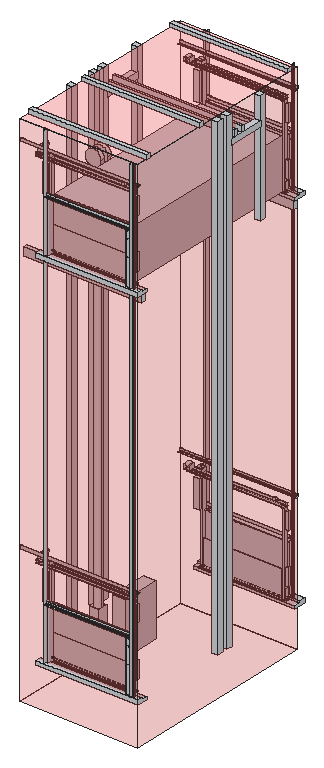
Revit family "SHC2600-2U-2方向", category 一般モデル, Revit 2018
Family settings
  鉄筋をホスト可能 = いいえ
  丸型コネクタ寸法 = 直径を使用
  パーツ タイプ = 標準
  作業面ベース = いいえ
  常に垂直 = はい
  ロード時にボイドで切り取り = いいえ
  共有 = いいえ
  部屋計算ポイント = いいえ
Parameters
  昇降行程 = 13000 mm
Reference planes
  plane 1 "レール芯": y = 0
  plane 2 "最下階FL": z = 0
  plane 3 "かご芯": x = 0
  plane 4: z = 13000
  plane 5 "ピット底面": z = -1600
  plane 6: z = 17000
  plane 7: z = 1800
Forms (mm)
  Extrusion 1, solid
    sketch origin (-115, 140, 0) x (1, 0, 0) y (0, 1, 0)
      loop
        line (-2270, 3375) -> (-2270, -3755) -> (1920, -3755) -> (1920, 3375) -> (-2270, 3375)
    from -1600 to 17000
  Extrusion 2, solid
    sketch origin (-188.849, -187.656, 5000) x (1, 0, 0) y (0, 1, 0)
      loop
        line (-1246.151, 3432.656) -> (-1246.151, -3057.344) -> (1623.849, -3057.344) -> (1623.849, 3432.656) -> (-1246.151, 3432.656)
    from 8000 to 9800
  Extrusion 3, solid
    sketch origin (69.836, -13.256, 0) x (1, 0, 0) y (0, 1, 0)
      loop
        line (1735.164, 313.256) -> (1735.164, 113.256) -> (1935.164, 113.256) -> (1935.164, 313.256) -> (1735.164, 313.256)
    from 0 to 17000
  Extrusion 4, solid
    sketch origin (-180.164, -413.256, 0) x (1, 0, 0) y (0, 1, 0)
      loop
        line (1985.164, 313.256) -> (1985.164, 113.256) -> (2185.164, 113.256) -> (2185.164, 313.256) -> (1985.164, 313.256)
    from 0 to 17000
  Extrusion 5, solid
    sketch origin (448.997, -221.31, 0) x (1, 0, 0) y (0, 1, 0)
      loop
        line (-3033.997, 521.31) -> (-3033.997, 321.31) -> (-2833.997, 321.31) -> (-2833.997, 521.31) -> (-3033.997, 521.31)
    from 0 to 17000
  Extrusion 6, solid
    sketch origin (448.997, -1471.31, 0) x (1, 0, 0) y (0, 1, 0)
      loop
        line (-3033.997, 1371.31) -> (-3033.997, 1171.31) -> (-2833.997, 1171.31) -> (-2833.997, 1371.31) -> (-3033.997, 1371.31)
    from 0 to 17000
  Extrusion 7, solid
    sketch origin (0, -3489.792, -183.066) x (0, 1, 0) y (0, 0, 1)
      loop
        line (279.792, 17333.066) -> (279.792, 17183.066) -> (429.792, 17183.066) -> (429.792, 17333.066) -> (279.792, 17333.066)
    from -2385 to 1805
  Extrusion 8, solid
    sketch origin (0, -1154.792, -183.066) x (0, 1, 0) y (0, 0, 1)
      loop
        line (279.792, 17333.066) -> (279.792, 17183.066) -> (429.792, 17183.066) -> (429.792, 17333.066) -> (279.792, 17333.066)
    from -2385 to 1805
  Extrusion 9, solid
    sketch origin (0, -2627.235, 116.596) x (0, 1, 0) y (0, 0, 1)
      loop
        line (-827.765, 12733.404) -> (-827.765, 12433.404) -> (-677.765, 12433.404) -> (-677.765, 12733.404) -> (-827.765, 12733.404)
    from -2385 to 1805
  Extrusion 10, solid
    sketch origin (322.648, -2808.415, 0) x (-1, 0, 0) y (0, -1, 0)
      loop
        line (-1352.352, 796.585) -> (-1252.352, 796.585) -> (-1252.352, 896.585) -> (-1255.352, 896.585)
        arc (-1255.352, 896.585) -> (-1260.302, 894.535) -> (-1262.352, 889.585) r 7
        line (-1262.352, 889.585) -> (-1262.352, 816.585)
        arc (-1262.352, 816.585) -> (-1265.281, 809.514) -> (-1272.352, 806.585) r 10
        line (-1272.352, 806.585) -> (-1345.352, 806.585)
        arc (-1345.352, 806.585) -> (-1350.302, 804.535) -> (-1352.352, 799.585) r 7
        line (-1352.352, 799.585) -> (-1352.352, 796.585)
    from 0 to 12850
  Extrusion 11, solid
    sketch origin (-22.648, -2808.415, 0) x (1, 0, 0) y (0, 1, 0)
      loop
        line (-1432.352, -896.585) -> (-1432.352, -796.585) -> (-1532.352, -796.585) -> (-1532.352, -799.585)
        arc (-1532.352, -799.585) -> (-1530.302, -804.535) -> (-1525.352, -806.585) r 7
        line (-1525.352, -806.585) -> (-1452.352, -806.585)
        arc (-1452.352, -806.585) -> (-1445.281, -809.514) -> (-1442.352, -816.585) r 10
        line (-1442.352, -816.585) -> (-1442.352, -889.585)
        arc (-1442.352, -889.585) -> (-1440.302, -894.535) -> (-1435.352, -896.585) r 7
        line (-1435.352, -896.585) -> (-1432.352, -896.585)
    from 0 to 12850
  Extrusion 12, solid
    sketch origin (522.648, -2808.415, 5000) x (-1, 0, 0) y (0, -1, 0)
      loop
        line (-1152.352, 796.585) -> (-1052.352, 796.585) -> (-1052.352, 896.585) -> (-1055.352, 896.585)
        arc (-1055.352, 896.585) -> (-1060.302, 894.535) -> (-1062.352, 889.585) r 7
        line (-1062.352, 889.585) -> (-1062.352, 816.585)
        arc (-1062.352, 816.585) -> (-1065.281, 809.514) -> (-1072.352, 806.585) r 10
        line (-1072.352, 806.585) -> (-1145.352, 806.585)
        arc (-1145.352, 806.585) -> (-1150.302, 804.535) -> (-1152.352, 799.585) r 7
        line (-1152.352, 799.585) -> (-1152.352, 796.585)
    from 8000 to 12000
  Extrusion 13, solid
    sketch origin (-22.648, -2808.415, 5000) x (1, 0, 0) y (0, 1, 0)
      loop
        line (-1432.352, -796.585) -> (-1532.352, -796.585) -> (-1532.352, -799.585)
        arc (-1532.352, -799.585) -> (-1530.302, -804.535) -> (-1525.352, -806.585) r 7
        line (-1525.352, -806.585) -> (-1452.352, -806.585)
        arc (-1452.352, -806.585) -> (-1445.281, -809.514) -> (-1442.352, -816.585) r 10
        line (-1442.352, -816.585) -> (-1442.352, -889.585)
        arc (-1442.352, -889.585) -> (-1440.302, -894.535) -> (-1435.352, -896.585) r 7
        line (-1435.352, -896.585) -> (-1432.352, -896.585) -> (-1432.352, -796.585)
    from 8000 to 12000
  Extrusion 14, solid
    sketch origin (90, -6142.272, 6135.614) x (0, 0, -1) y (0, 1, 0)
      loop
        line (-8744.386, 2437.272) -> (-8744.386, 2537.272) -> (-8844.386, 2537.272) -> (-8844.386, 2534.272)
        arc (-8844.386, 2534.272) -> (-8842.335, 2529.322) -> (-8837.386, 2527.272) r 7
        line (-8837.386, 2527.272) -> (-8764.386, 2527.272)
        arc (-8764.386, 2527.272) -> (-8757.315, 2524.343) -> (-8754.386, 2517.272) r 10
        line (-8754.386, 2517.272) -> (-8754.386, 2444.272)
        arc (-8754.386, 2444.272) -> (-8752.335, 2439.322) -> (-8747.386, 2437.272) r 7
        line (-8747.386, 2437.272) -> (-8744.386, 2437.272)
    from -1545 to 1485
  Extrusion 15, solid
    sketch origin (0, -1782.728, 6170.614) x (0, 0, -1) y (0, 1, 0)
      loop
        line (-10139.386, -1729.272) -> (-10139.386, -1802.272)
        arc (-10139.386, -1802.272) -> (-10142.315, -1809.343) -> (-10149.386, -1812.272) r 10
        line (-10149.386, -1812.272) -> (-10222.386, -1812.272)
        arc (-10222.386, -1812.272) -> (-10227.335, -1814.322) -> (-10229.386, -1819.272) r 7
        line (-10229.386, -1819.272) -> (-10229.386, -1822.272) -> (-10129.386, -1822.272) -> (-10129.386, -1722.272) -> (-10132.386, -1722.272)
        arc (-10132.386, -1722.272) -> (-10137.335, -1724.322) -> (-10139.386, -1729.272) r 7
    from -2385 to 1805
  Extrusion 16, solid
    sketch origin (724.836, 1486.744, 0) x (1, 0, 0) y (0, 1, 0)
      loop
        line (1080.164, 313.256) -> (1080.164, 113.256) -> (1280.164, 113.256) -> (1280.164, 313.256) -> (1080.164, 313.256)
    from 13000 to 17000
  Extrusion 17, solid
    sketch origin (473.997, -2560.007, 0) x (1, 0, 0) y (0, 1, 0)
      loop
        line (-3058.997, 1460.007) -> (-3058.997, 1260.007) -> (-2858.997, 1260.007) -> (-2858.997, 1460.007) -> (-3058.997, 1460.007)
    from 0 to 17000
  Extrusion 18, solid
    sketch origin (-695, 590, -1350) x (1, 0, 0) y (0, 1, 0)
      loop
        line (-1420, 950) -> (-1420, -420) -> (-970, -420) -> (-970, 950) -> (-1420, 950)
    from -250 to 1600
  Extrusion 19, solid
    sketch origin (-290, -250, 0) x (1, 0, 0) y (0, 1, 0)
      loop
        circle (-1565, -550) r 130
    from 433 to 14771
  Extrusion 20, solid
    sketch origin (-1505, -588.012, -511) x (1, 0, 0) y (0, 0, 1)
      loop
        circle (-350, 15316) r 280
    from -3.012 to 126.988
  Extrusion 21, solid
    sketch origin (-1505, -838.012, -511) x (1, 0, 0) y (0, 0, 1)
      loop
        circle (-350, 15316) r 280
    from 46.988 to 176.988
  Extrusion 22, solid
    sketch origin (55.293, 4.04, 0) x (1, 0, 0) y (0, 1, 0)
      loop
        line (-2085.293, -629.04) -> (-2085.293, -979.04) -> (-1735.293, -979.04) -> (-1735.293, -629.04) -> (-2085.293, -629.04)
    from -1600 to 433
  Extrusion 23, solid
    sketch origin (-3725.164, 1486.744, 0) x (1, 0, 0) y (0, 1, 0)
      loop
        line (1140.164, 313.256) -> (1140.164, 113.256) -> (1340.164, 113.256) -> (1340.164, 313.256) -> (1140.164, 313.256)
    from 13000 to 17000
  Extrusion 24, solid
    sketch origin (1805, 0, -850) x (0, 1, 0) y (0, 0, 1)
      loop
        line (300, 17050) -> (300, 16850) -> (1600, 16850) -> (1600, 17050) -> (300, 17050)
    from 0 to 200
  Extrusion 25, solid
    sketch origin (-2585, 0, -850) x (0, 1, 0) y (0, 0, 1)
      loop
        line (300, 17050) -> (300, 16850) -> (1600, 16850) -> (1600, 17050) -> (300, 17050)
    from 0 to 200
  Extrusion 26, solid
    sketch origin (0, 0, -850) x (0, 1, 0) y (0, 0, 1)
      loop
        line (445, 17250) -> (445, 17050) -> (535, 17050) -> (535, 17250) -> (445, 17250)
      loop
        line (765, 17250) -> (765, 17050) -> (855, 17050) -> (855, 17250) -> (765, 17250)
    from -2585 to 2005
  Extrusion 27, solid
    sketch origin (0, -745, 0) x (0, 1, 0) y (0, 0, 1)
      loop
        line (-2880, 1890) -> (-2953, 1890)
        arc (-2953, 1890) -> (-2957.95, 1887.95) -> (-2960, 1883) r 7
        line (-2960, 1883) -> (-2960, 1880) -> (-2860, 1880) -> (-2860, 1980) -> (-2863, 1980)
        arc (-2863, 1980) -> (-2867.95, 1977.95) -> (-2870, 1973) r 7
        line (-2870, 1973) -> (-2870, 1900)
        arc (-2870, 1900) -> (-2872.929, 1892.929) -> (-2880, 1890) r 10
    from -1455 to 1575
  Extrusion 28, solid
    sketch origin (0, -6465, 1420) x (0, -1, 0) y (0, 0, -1)
      loop
        arc (-2880, -1890) -> (-2872.929, -1892.929) -> (-2870, -1900) r 10
        line (-2870, -1900) -> (-2870, -1973)
        arc (-2870, -1973) -> (-2867.95, -1977.95) -> (-2863, -1980) r 7
        line (-2863, -1980) -> (-2860, -1980) -> (-2860, -1880) -> (-2960, -1880) -> (-2960, -1883)
        arc (-2960, -1883) -> (-2957.95, -1887.95) -> (-2953, -1890) r 7
        line (-2953, -1890) -> (-2880, -1890)
    from -2385 to 1805
  Extrusion 29, solid
    sketch origin (322.648, 2708.415, 0) x (-1, 0, 0) y (0, -1, 0)
      loop
        line (-1352.352, -796.585) -> (-1352.352, -799.585)
        arc (-1352.352, -799.585) -> (-1350.302, -804.535) -> (-1345.352, -806.585) r 7
        line (-1345.352, -806.585) -> (-1272.352, -806.585)
        arc (-1272.352, -806.585) -> (-1265.281, -809.514) -> (-1262.352, -816.585) r 10
        line (-1262.352, -816.585) -> (-1262.352, -889.585)
        arc (-1262.352, -889.585) -> (-1260.302, -894.535) -> (-1255.352, -896.585) r 7
        line (-1255.352, -896.585) -> (-1252.352, -896.585) -> (-1252.352, -796.585) -> (-1352.352, -796.585)
    from 0 to 12850
  Extrusion 30, solid
    sketch origin (-22.648, 2708.415, 0) x (1, 0, 0) y (0, 1, 0)
      loop
        line (-1432.352, 896.585) -> (-1435.352, 896.585)
        arc (-1435.352, 896.585) -> (-1440.302, 894.535) -> (-1442.352, 889.585) r 7
        line (-1442.352, 889.585) -> (-1442.352, 816.585)
        arc (-1442.352, 816.585) -> (-1445.281, 809.514) -> (-1452.352, 806.585) r 10
        line (-1452.352, 806.585) -> (-1525.352, 806.585)
        arc (-1525.352, 806.585) -> (-1530.302, 804.535) -> (-1532.352, 799.585) r 7
        line (-1532.352, 799.585) -> (-1532.352, 796.585) -> (-1432.352, 796.585) -> (-1432.352, 896.585)
    from 0 to 12850
  Extrusion 31, solid
    sketch origin (522.648, 2708.415, 5000) x (-1, 0, 0) y (0, -1, 0)
      loop
        line (-1152.352, -796.585) -> (-1152.352, -799.585)
        arc (-1152.352, -799.585) -> (-1150.302, -804.535) -> (-1145.352, -806.585) r 7
        line (-1145.352, -806.585) -> (-1072.352, -806.585)
        arc (-1072.352, -806.585) -> (-1065.281, -809.514) -> (-1062.352, -816.585) r 10
        line (-1062.352, -816.585) -> (-1062.352, -889.585)
        arc (-1062.352, -889.585) -> (-1060.302, -894.535) -> (-1055.352, -896.585) r 7
        line (-1055.352, -896.585) -> (-1052.352, -896.585) -> (-1052.352, -796.585) -> (-1152.352, -796.585)
    from 8000 to 12000
  Extrusion 32, solid
    sketch origin (-22.648, 2708.415, 5000) x (1, 0, 0) y (0, 1, 0)
      loop
        line (-1432.352, 796.585) -> (-1432.352, 896.585) -> (-1435.352, 896.585)
        arc (-1435.352, 896.585) -> (-1440.302, 894.535) -> (-1442.352, 889.585) r 7
        line (-1442.352, 889.585) -> (-1442.352, 816.585)
        arc (-1442.352, 816.585) -> (-1445.281, 809.514) -> (-1452.352, 806.585) r 10
        line (-1452.352, 806.585) -> (-1525.352, 806.585)
        arc (-1525.352, 806.585) -> (-1530.302, 804.535) -> (-1532.352, 799.585) r 7
        line (-1532.352, 799.585) -> (-1532.352, 796.585) -> (-1432.352, 796.585)
    from 8000 to 12000
  Extrusion 33, solid
    sketch origin (0, 645, 0) x (0, -1, 0) y (0, 0, -1)
      loop
        arc (-2880, -1890) -> (-2872.929, -1892.929) -> (-2870, -1900) r 10
        line (-2870, -1900) -> (-2870, -1973)
        arc (-2870, -1973) -> (-2867.95, -1977.95) -> (-2863, -1980) r 7
        line (-2863, -1980) -> (-2860, -1980) -> (-2860, -1880) -> (-2960, -1880) -> (-2960, -1883)
        arc (-2960, -1883) -> (-2957.95, -1887.95) -> (-2953, -1890) r 7
        line (-2953, -1890) -> (-2880, -1890)
    from -1455 to 1575
  Extrusion 34, solid
    sketch origin (0, 6365, 1420) x (0, 1, 0) y (0, 0, 1)
      loop
        line (-2880, 1890) -> (-2953, 1890)
        arc (-2953, 1890) -> (-2957.95, 1887.95) -> (-2960, 1883) r 7
        line (-2960, 1883) -> (-2960, 1880) -> (-2860, 1880) -> (-2860, 1980) -> (-2863, 1980)
        arc (-2863, 1980) -> (-2867.95, 1977.95) -> (-2870, 1973) r 7
        line (-2870, 1973) -> (-2870, 1900)
        arc (-2870, 1900) -> (-2872.929, 1892.929) -> (-2880, 1890) r 10
    from -2385 to 1805
  Extrusion 35, solid
    sketch origin (90, 6042.272, 6135.614) x (0, 0, -1) y (0, 1, 0)
      loop
        line (-8744.386, -2437.272) -> (-8747.386, -2437.272)
        arc (-8747.386, -2437.272) -> (-8752.335, -2439.322) -> (-8754.386, -2444.272) r 7
        line (-8754.386, -2444.272) -> (-8754.386, -2517.272)
        arc (-8754.386, -2517.272) -> (-8757.315, -2524.343) -> (-8764.386, -2527.272) r 10
        line (-8764.386, -2527.272) -> (-8837.386, -2527.272)
        arc (-8837.386, -2527.272) -> (-8842.335, -2529.322) -> (-8844.386, -2534.272) r 7
        line (-8844.386, -2534.272) -> (-8844.386, -2537.272) -> (-8744.386, -2537.272) -> (-8744.386, -2437.272)
    from -1545 to 1485
  Extrusion 36, solid
    sketch origin (0, 1682.728, 6170.614) x (0, 0, -1) y (0, 1, 0)
      loop
        arc (-10139.386, 1729.272) -> (-10137.335, 1724.322) -> (-10132.386, 1722.272) r 7
        line (-10132.386, 1722.272) -> (-10129.386, 1722.272) -> (-10129.386, 1822.272) -> (-10229.386, 1822.272) -> (-10229.386, 1819.272)
        arc (-10229.386, 1819.272) -> (-10227.335, 1814.322) -> (-10222.386, 1812.272) r 7
        line (-10222.386, 1812.272) -> (-10149.386, 1812.272)
        arc (-10149.386, 1812.272) -> (-10142.315, 1809.343) -> (-10139.386, 1802.272) r 10
        line (-10139.386, 1802.272) -> (-10139.386, 1729.272)
    from -2385 to 1805
  Extrusion 37, solid
    sketch origin (0, 4132.765, 116.596) x (0, 1, 0) y (0, 0, 1)
      loop
        line (-827.765, 12733.404) -> (-827.765, 12433.404) -> (-677.765, 12433.404) -> (-677.765, 12733.404) -> (-827.765, 12733.404)
    from -2385 to 1805
  Extrusion 38, solid
    sketch origin (0, 2780.208, -183.066) x (0, 1, 0) y (0, 0, 1)
      loop
        line (279.792, 17333.066) -> (279.792, 17183.066) -> (429.792, 17183.066) -> (429.792, 17333.066) -> (279.792, 17333.066)
    from -2385 to 1805
Dimensions and locks
  "昇降行程": plane 4 to plane 2 "最下階FL"
  plane 6 to plane 4 = 4000 mm
  locked: Extrusion 2 to plane 4 at 1800
  locked: plane 4 to Extrusion 10 at 150
  locked: Extrusion 19 to plane 4 at 1771
  locked: plane 4 to Extrusion 29 at 150
  aligned and locked: level to plane 2 "最下階FL"
  aligned and locked: Extrusion 1 to plane 5 "ピット底面"
  aligned and locked: Extrusion 2 to plane 4
  aligned and locked: Extrusion 4 to plane 2 "最下階FL"
  aligned and locked: Extrusion 3 to plane 2 "最下階FL"
  aligned and locked: Extrusion 5 to Extrusion 1
  aligned and locked: Extrusion 6 to Extrusion 1
  aligned and locked: Extrusion 3 to Extrusion 1
  aligned and locked: Extrusion 4 to Extrusion 1
  aligned and locked: Extrusion 5 to plane 2 "最下階FL"
  aligned and locked: Extrusion 6 to plane 2 "最下階FL"
  aligned and locked: Extrusion 1 to Extrusion 8  (x2)
  aligned and locked: Extrusion 8 to Extrusion 1
  aligned and locked: Extrusion 7 to Extrusion 1
  aligned and locked: Extrusion 1 to Extrusion 9  (x2)
  aligned and locked: Extrusion 1 to Extrusion 7  (x2)
  aligned and locked: Extrusion 12 to Extrusion 13
  aligned and locked: Extrusion 13 to plane 4
  aligned and locked: Extrusion 12 to plane 4
  aligned and locked: Extrusion 1 to plane 6
  aligned and locked: plane 6 to Extrusion 12
  aligned and locked: plane 6 to Extrusion 13
  aligned and locked: Extrusion 11 to Extrusion 10
  aligned and locked: plane 6 to Extrusion 5
  aligned and locked: plane 6 to Extrusion 3
  aligned and locked: plane 6 to Extrusion 4
  aligned and locked: plane 6 to Extrusion 6
  aligned and locked: Extrusion 1 to Extrusion 17
  aligned and locked: Extrusion 1 to Extrusion 16
  aligned and locked: Extrusion 16 to plane 4
  aligned and locked: Extrusion 1 to Extrusion 23
  aligned and locked: Extrusion 23 to plane 4
  aligned and locked: plane 4 to nested 2
  aligned and locked: plane 4 to nested 4
  aligned and locked: Extrusion 31 to Extrusion 32
  aligned and locked: Extrusion 30 to Extrusion 29
  aligned and locked: Extrusion 31 to plane 4
  aligned and locked: plane 6 to Extrusion 31
Automatic sketch dimensions
  Extrusion 1 sketch curve to plane 3 "かご芯" = 2385 mm
  plane 3 "かご芯" to Extrusion 1 sketch curve = 1805 mm
  plane 1 "レール芯" to Extrusion 1 sketch curve = 3615 mm
  Extrusion 1 sketch curve to plane 1 "レール芯" = 3515 mm
  Extrusion 2 sketch curve to plane 3 "かご芯" = 1435 mm
  plane 3 "かご芯" to Extrusion 2 sketch curve = 1435 mm
  plane 1 "レール芯" to Extrusion 2 sketch curve = 3245 mm
  Extrusion 2 sketch curve to plane 1 "レール芯" = 3245 mm
  Extrusion 3 sketch curve to plane 1 "レール芯" = 100 mm
  plane 3 "かご芯" to Extrusion 3 sketch curve = 1805 mm
  Extrusion 3 sketch curve to Extrusion 3 sketch curve = 200 mm  (x2)
  plane 1 "レール芯" to Extrusion 4 sketch curve = 300 mm
  plane 3 "かご芯" to Extrusion 4 sketch curve = 1805 mm
  Extrusion 4 sketch curve to Extrusion 4 sketch curve = 200 mm
  plane 1 "レール芯" to Extrusion 4 sketch curve = 100 mm
  Extrusion 5 sketch curve to plane 1 "レール芯" = 100 mm
  Extrusion 5 sketch curve to plane 3 "かご芯" = 2585 mm
  Extrusion 5 sketch curve to Extrusion 5 sketch curve = 200 mm  (x2)
  plane 1 "レール芯" to Extrusion 6 sketch curve = 300 mm
  Extrusion 6 sketch curve to plane 3 "かご芯" = 2585 mm
  Extrusion 6 sketch curve to Extrusion 6 sketch curve = 200 mm
  plane 1 "レール芯" to Extrusion 6 sketch curve = 100 mm
  Extrusion 7 sketch curve to plane 6 = 0 mm
  plane 1 "レール芯" to Extrusion 7 sketch curve = 3210 mm
  Extrusion 7 sketch curve to Extrusion 7 sketch curve = 150 mm
  plane 6 to Extrusion 7 sketch curve = 150 mm
  Extrusion 8 sketch curve to plane 6 = 0 mm
  plane 1 "レール芯" to Extrusion 8 sketch curve = 875 mm
  Extrusion 8 sketch curve to Extrusion 8 sketch curve = 150 mm
  plane 6 to Extrusion 8 sketch curve = 150 mm
  Extrusion 9 sketch curve to plane 4 = 450 mm
  plane 1 "レール芯" to Extrusion 9 sketch curve = 3455 mm
  Extrusion 9 sketch curve to Extrusion 9 sketch curve = 150 mm
  Extrusion 9 sketch curve to plane 4 = 150 mm
  Extrusion 10 sketch curve to plane 3 "かご芯" = 1675 mm
  Extrusion 10 sketch curve to Extrusion 10 sketch curve = 7 mm  (x2)
  Extrusion 10 sketch curve to Extrusion 10 sketch curve = 73 mm  (x2)
  Extrusion 10 sketch curve to Extrusion 10 sketch curve = 10 mm  (x2)
  Extrusion 10 sketch curve to plane 1 "レール芯" = 3705 mm
  Extrusion 10 sketch curve to Extrusion 10 sketch curve = 20 mm
  Extrusion 11 sketch curve to plane 3 "かご芯" = 1555 mm
  Extrusion 11 sketch curve to Extrusion 11 sketch curve = 7 mm  (x2)
  Extrusion 11 sketch curve to Extrusion 11 sketch curve = 73 mm  (x2)
  Extrusion 11 sketch curve to Extrusion 11 sketch curve = 10 mm  (x2)
  plane 1 "レール芯" to Extrusion 11 sketch curve = 3705 mm
  Extrusion 11 sketch curve to Extrusion 11 sketch curve = 20 mm
  Extrusion 12 sketch curve to plane 3 "かご芯" = 1675 mm
  Extrusion 12 sketch curve to Extrusion 12 sketch curve = 7 mm  (x2)
  Extrusion 12 sketch curve to Extrusion 12 sketch curve = 73 mm  (x2)
  Extrusion 12 sketch curve to Extrusion 12 sketch curve = 10 mm  (x2)
  Extrusion 12 sketch curve to plane 1 "レール芯" = 3705 mm
  Extrusion 12 sketch curve to Extrusion 12 sketch curve = 20 mm
  Extrusion 13 sketch curve to plane 3 "かご芯" = 1555 mm
  Extrusion 13 sketch curve to Extrusion 13 sketch curve = 7 mm  (x2)
  Extrusion 13 sketch curve to Extrusion 13 sketch curve = 73 mm  (x2)
  Extrusion 13 sketch curve to Extrusion 13 sketch curve = 10 mm
  Extrusion 13 sketch curve to Extrusion 13 sketch curve = 3 mm
  plane 1 "レール芯" to Extrusion 13 sketch curve = 3705 mm
  Extrusion 13 sketch curve to Extrusion 13 sketch curve = 20 mm
  plane 4 to Extrusion 14 sketch curve = 1980 mm
  Extrusion 14 sketch curve to Extrusion 14 sketch curve = 7 mm  (x2)
  Extrusion 14 sketch curve to Extrusion 14 sketch curve = 73 mm  (x2)
  Extrusion 14 sketch curve to Extrusion 14 sketch curve = 10 mm  (x2)
  plane 1 "レール芯" to Extrusion 14 sketch curve = 3705 mm
  Extrusion 14 sketch curve to Extrusion 14 sketch curve = 20 mm
  plane 6 to Extrusion 15 sketch curve = 600 mm
  Extrusion 15 sketch curve to Extrusion 15 sketch curve = 7 mm  (x2)
  Extrusion 15 sketch curve to Extrusion 15 sketch curve = 73 mm  (x2)
  Extrusion 15 sketch curve to Extrusion 15 sketch curve = 10 mm
  Extrusion 15 sketch curve to Extrusion 15 sketch curve = 3 mm  (x2)
  Extrusion 15 sketch curve to plane 1 "レール芯" = 3505 mm
  plane 3 "かご芯" to Extrusion 16 sketch curve = 1805 mm
  Extrusion 16 sketch curve to Extrusion 16 sketch curve = 200 mm  (x2)
  Extrusion 16 sketch curve to plane 1 "レール芯" = 1600 mm
  Extrusion 17 sketch curve to plane 3 "かご芯" = 2585 mm
  Extrusion 17 sketch curve to Extrusion 17 sketch curve = 200 mm  (x2)
  plane 1 "レール芯" to Extrusion 17 sketch curve = 1300 mm
  Extrusion 18 sketch curve to plane 1 "レール芯" = 170 mm
  Extrusion 18 sketch curve to plane 3 "かご芯" = 2115 mm
  Extrusion 18 sketch curve to Extrusion 18 sketch curve = 450 mm
  Extrusion 18 sketch curve to Extrusion 18 sketch curve = 1370 mm
  Extrusion 20 sketch curve to plane 3 "かご芯" = 1855 mm
  plane 4 to Extrusion 20 sketch curve = 1805 mm
  Extrusion 21 sketch curve to plane 3 "かご芯" = 1855 mm
  plane 4 to Extrusion 21 sketch curve = 1805 mm
  plane 1 "レール芯" to Extrusion 22 sketch curve = 975 mm
  Extrusion 22 sketch curve to plane 3 "かご芯" = 2030 mm
  Extrusion 22 sketch curve to Extrusion 22 sketch curve = 350 mm  (x2)
  Extrusion 23 sketch curve to plane 3 "かご芯" = 2585 mm
  Extrusion 23 sketch curve to Extrusion 23 sketch curve = 200 mm  (x2)
  Extrusion 23 sketch curve to plane 1 "レール芯" = 1600 mm
  Extrusion 24 sketch curve to plane 1 "レール芯" = 300 mm
  Extrusion 24 sketch curve to Extrusion 24 sketch curve = 1300 mm
  Extrusion 24 sketch curve to plane 6 = 1000 mm
  Extrusion 24 sketch curve to Extrusion 24 sketch curve = 200 mm
  Extrusion 25 sketch curve to plane 1 "レール芯" = 300 mm
  Extrusion 25 sketch curve to Extrusion 25 sketch curve = 1300 mm
  Extrusion 25 sketch curve to plane 6 = 1000 mm
  Extrusion 25 sketch curve to Extrusion 25 sketch curve = 200 mm
  Extrusion 26 sketch curve to plane 1 "レール芯" = 445 mm
  Extrusion 26 sketch curve to Extrusion 26 sketch curve = 90 mm  (x2)
  Extrusion 26 sketch curve to Extrusion 26 sketch curve = 230 mm
  Extrusion 26 sketch curve to plane 6 = 800 mm
  Extrusion 26 sketch curve to Extrusion 26 sketch curve = 0 mm
  Extrusion 26 sketch curve to Extrusion 26 sketch curve = 200 mm  (x2)
  Extrusion 27 sketch curve to plane 7 = 80 mm
  plane 1 "レール芯" to Extrusion 27 sketch curve = 3705 mm
  Extrusion 27 sketch curve to Extrusion 27 sketch curve = 7 mm  (x2)
  Extrusion 27 sketch curve to Extrusion 27 sketch curve = 73 mm  (x2)
  Extrusion 27 sketch curve to Extrusion 27 sketch curve = 10 mm  (x2)
  Extrusion 27 sketch curve to Extrusion 27 sketch curve = 3 mm
  plane 7 to Extrusion 28 sketch curve = 1500 mm
  Extrusion 28 sketch curve to plane 1 "レール芯" = 3505 mm
  Extrusion 28 sketch curve to Extrusion 28 sketch curve = 7 mm  (x2)
  Extrusion 28 sketch curve to Extrusion 28 sketch curve = 73 mm  (x2)
  Extrusion 28 sketch curve to Extrusion 28 sketch curve = 10 mm  (x2)
  Extrusion 28 sketch curve to Extrusion 28 sketch curve = 3 mm
  plane 3 "かご芯" to Extrusion 29 sketch curve = 1675 mm
  Extrusion 29 sketch curve to Extrusion 29 sketch curve = 7 mm  (x2)
  Extrusion 29 sketch curve to Extrusion 29 sketch curve = 73 mm  (x2)
  Extrusion 29 sketch curve to Extrusion 29 sketch curve = 10 mm  (x2)
  Extrusion 29 sketch curve to Extrusion 29 sketch curve = 20 mm
  Extrusion 29 sketch curve to plane 1 "レール芯" = 3605 mm
  Extrusion 30 sketch curve to plane 3 "かご芯" = 1555 mm
  Extrusion 30 sketch curve to Extrusion 30 sketch curve = 7 mm  (x2)
  Extrusion 30 sketch curve to Extrusion 30 sketch curve = 73 mm  (x2)
  Extrusion 30 sketch curve to Extrusion 30 sketch curve = 10 mm  (x2)
  Extrusion 30 sketch curve to plane 1 "レール芯" = 3505 mm
  Extrusion 30 sketch curve to Extrusion 30 sketch curve = 3 mm
  plane 3 "かご芯" to Extrusion 31 sketch curve = 1675 mm
  Extrusion 31 sketch curve to Extrusion 31 sketch curve = 7 mm  (x2)
  Extrusion 31 sketch curve to Extrusion 31 sketch curve = 73 mm  (x2)
  Extrusion 31 sketch curve to Extrusion 31 sketch curve = 10 mm  (x2)
  Extrusion 31 sketch curve to plane 1 "レール芯" = 3605 mm
  Extrusion 31 sketch curve to Extrusion 31 sketch curve = 20 mm
  Extrusion 32 sketch curve to plane 3 "かご芯" = 1555 mm
  Extrusion 32 sketch curve to Extrusion 32 sketch curve = 7 mm  (x2)
  Extrusion 32 sketch curve to Extrusion 32 sketch curve = 73 mm  (x2)
  Extrusion 32 sketch curve to Extrusion 32 sketch curve = 10 mm
  Extrusion 32 sketch curve to Extrusion 32 sketch curve = 3 mm  (x2)
  Extrusion 32 sketch curve to plane 1 "レール芯" = 3505 mm
  plane 7 to Extrusion 33 sketch curve = 80 mm
  plane 1 "レール芯" to Extrusion 33 sketch curve = 3605 mm
  Extrusion 33 sketch curve to Extrusion 33 sketch curve = 7 mm  (x2)
  Extrusion 33 sketch curve to Extrusion 33 sketch curve = 73 mm  (x2)
  Extrusion 33 sketch curve to Extrusion 33 sketch curve = 10 mm  (x2)
  Extrusion 33 sketch curve to Extrusion 33 sketch curve = 3 mm
  Extrusion 34 sketch curve to plane 7 = 1500 mm
  Extrusion 34 sketch curve to plane 1 "レール芯" = 3405 mm
  Extrusion 34 sketch curve to Extrusion 34 sketch curve = 7 mm  (x2)
  Extrusion 34 sketch curve to Extrusion 34 sketch curve = 73 mm  (x2)
  Extrusion 34 sketch curve to Extrusion 34 sketch curve = 10 mm
  Extrusion 34 sketch curve to Extrusion 34 sketch curve = 20 mm
  Extrusion 34 sketch curve to Extrusion 34 sketch curve = 3 mm
  plane 4 to Extrusion 35 sketch curve = 1980 mm
  Extrusion 35 sketch curve to Extrusion 35 sketch curve = 7 mm  (x2)
  Extrusion 35 sketch curve to Extrusion 35 sketch curve = 73 mm  (x2)
  Extrusion 35 sketch curve to Extrusion 35 sketch curve = 10 mm  (x2)
  Extrusion 35 sketch curve to plane 1 "レール芯" = 3505 mm
  Extrusion 35 sketch curve to Extrusion 35 sketch curve = 3 mm
  Extrusion 36 sketch curve to plane 6 = 600 mm
  Extrusion 36 sketch curve to Extrusion 36 sketch curve = 7 mm  (x2)
  Extrusion 36 sketch curve to Extrusion 36 sketch curve = 73 mm  (x2)
  Extrusion 36 sketch curve to Extrusion 36 sketch curve = 10 mm
  Extrusion 36 sketch curve to Extrusion 36 sketch curve = 3 mm  (x2)
  Extrusion 36 sketch curve to plane 1 "レール芯" = 3405 mm
  Extrusion 37 sketch curve to plane 4 = 450 mm
  Extrusion 37 sketch curve to plane 1 "レール芯" = 3305 mm
  Extrusion 37 sketch curve to Extrusion 37 sketch curve = 150 mm
  Extrusion 37 sketch curve to plane 4 = 150 mm
  plane 6 to Extrusion 38 sketch curve = 0 mm
  Extrusion 38 sketch curve to plane 1 "レール芯" = 3060 mm
  Extrusion 38 sketch curve to Extrusion 38 sketch curve = 150 mm
  plane 6 to Extrusion 38 sketch curve = 150 mm
  radius of Extrusion 20 sketch curve = 280 mm
  radius of Extrusion 21 sketch curve = 280 mm
Nested families
  nested 1: "2U" at (0, -3275, 0), type "2U"
    with 戸袋 1220 mm, 壁外～敷居先端 340 mm, 出入口高さ 1800 mm, 出入口幅 2750 mm
  nested 2: "2U" at (0, -3275, 13000), type "2U"
    with 戸袋 1220 mm, 壁外～敷居先端 340 mm, 出入口高さ 1800 mm, 出入口幅 2750 mm
  nested 3: "2U" at (0, 3275, 0), type "2U"
    with 戸袋 1220 mm, 壁外～敷居先端 340 mm, 出入口高さ 1800 mm, 出入口幅 2750 mm
  nested 4: "2U" at (0, 3275, 13000), type "2U"
    with 戸袋 1220 mm, 壁外～敷居先端 340 mm, 出入口高さ 1800 mm, 出入口幅 2750 mm
Definition of nested family "2U"
  Parameters (values of type "2U")
    戸袋 = 1570 mm
    壁外～敷居先端 = 470 mm
    出入口高さ = 2500 mm
    出入口幅 = 2500 mm
  Reference planes
    plane 1 "敷居先端": y = 0
    plane 2: z = 0
    plane 3 "中心(左/右)": x = 0
    plane 4: x = 1250
    plane 5: x = -1250
    plane 6: z = 2500
    plane 7: z = 1250
    plane 8 "出入口高さ": z = 4070
    plane 9: z = 4050
    plane 10: x = 989
    plane 11: z = 4080
    plane 12: x = -1406
    plane 13: z = 4172.5
    plane 14: x = -1830
    plane 15: x = -1735
    plane 16: z = 4230
    plane 17: z = 2570
    plane 18: y = -470
    plane 19: x = -1330
    plane 20: x = 1450
    plane 21: z = 2580
  Forms (mm)
    Extrusion 1, solid
      sketch origin (0, 0, 0) x (1, 0, 0) y (0, 1, 0)
        loop
          line (-1270, -45) -> (-1270, -87) -> (1270, -87) -> (1270, -45) -> (-1270, -45)
      from 0 to 1280
    Extrusion 2, solid
      sketch origin (0, 0, 0) x (1, 0, 0) y (0, 1, 0)
        loop
          line (-1270, -95) -> (-1270, -137) -> (1270, -137) -> (1270, -95) -> (-1270, -95)
      from 1250 to 2530
    Extrusion 3, solid
      sketch origin (0, 0, 0) x (1, 0, 0) y (0, 1, 0)
        loop
          line (-1300, -145) -> (-1300, -146.6) -> (-1251.6, -146.6) -> (-1251.6, -478.4) -> (-1278.4, -478.4) -> (-1278.4, -450) -> (-1280, -450) -> (-1280, -480) -> (-1250, -480) -> (-1250, -145) -> (-1300, -145)
      from 0 to 2500
    Extrusion 4, solid
      sketch origin (0, 0, 0) x (1, 0, 0) y (0, 1, 0)
        loop
          line (1300, -145) -> (1250, -145) -> (1250, -480) -> (1400, -480) -> (1400, -450) -> (1398.4, -450) -> (1398.4, -478.4) -> (1251.6, -478.4) -> (1251.6, -146.6) -> (1300, -146.6) -> (1300, -145)
      from 0 to 2500
    Extrusion 5, solid
      sketch origin (0, 0, -10) x (0, 1, 0) y (0, 0, 1)
        loop
          line (-30, 10) -> (-570, 10) -> (-570, -140) -> (-30, -140) -> (-30, 10)
      from -1750 to 1750
    Extrusion 6, void
      sketch origin (0, 0, 0) x (0, 1, 0) y (0, 0, 1)
        loop
          line (-230, 0) -> (-230, -60) -> (-30, -60) -> (-30, 0) -> (-230, 0)
      from -1750 to 1750
    Extrusion 7, solid
      sketch origin (0, 0, 0) x (0, 1, 0) y (0, 0, 1)
        loop
          line (-155, 0) -> (-155, -4.5) -> (0, -4.5) -> (0, 0) -> (-155, 0)
      from -1412 to 1412
    Extrusion 8, solid
      sketch origin (0, 0, 0) x (0, 1, 0) y (0, 0, 1)
        loop
          arc (-150, -14) -> (-148.682, -10.818) -> (-145.5, -9.5) r 4.5
          line (-145.5, -9.5) -> (-118, -9.5)
          arc (-118, -9.5) -> (-115.879, -8.621) -> (-115, -6.5) r 3
          line (-115, -6.5) -> (-115, -4.5) -> (-155, -4.5) -> (-155, -44.5) -> (-153, -44.5)
          arc (-153, -44.5) -> (-150.879, -43.621) -> (-150, -41.5) r 3
          line (-150, -41.5) -> (-150, -14)
      from -1412 to 1412
    Extrusion 9, solid
      sketch origin (0, 0, 0) x (0, 1, 0) y (0, 0, 1)
        loop
          line (-10, -14) -> (-10, -41.5)
          arc (-10, -41.5) -> (-9.121, -43.621) -> (-7, -44.5) r 3
          line (-7, -44.5) -> (-5, -44.5) -> (-5, -4.5) -> (-45, -4.5) -> (-45, -6.5)
          arc (-45, -6.5) -> (-44.121, -8.621) -> (-42, -9.5) r 3
          line (-42, -9.5) -> (-14.5, -9.5)
          arc (-14.5, -9.5) -> (-11.318, -10.818) -> (-10, -14) r 4.5
      from -1412 to 1412
    Extrusion 10, solid
      sketch origin (0, 0, 0) x (0, 1, 0) y (0, 0, 1)
        loop
          line (-40.028, 3970) -> (0, 3970) -> (0, 3974.5) -> (-35.5, 3974.5) -> (-35.5, 4065.5) -> (0, 4065.5) -> (0, 4070) -> (-40.028, 4070) -> (-40.028, 3970)
      from -1830 to 1362
    Extrusion 11, solid
      sketch origin (0, 0, 0) x (0, 1, 0) y (0, 0, 1)
        loop
          line (-175, 4076) -> (-175, 4070) -> (125, 4070) -> (125, 4076) -> (-175, 4076)
      from -1830 to -1640
    Extrusion 12, solid
      sketch origin (0, 0, 0) x (0, 1, 0) y (0, 0, 1)
        loop
          line (-450, 2530) -> (-480, 2530) -> (-480, 2500) -> (-145, 2500) -> (-145, 2501.6) -> (-478.4, 2501.6) -> (-478.4, 2528.4) -> (-450, 2528.4) -> (-450, 2530)
      from -1280 to 1400
    Extrusion 13, solid
      sketch origin (-22.601, -148.434, 0) x (1, 0, 0) y (0, 1, 0)
        loop
          line (1312.601, 108.406) -> (1312.601, 8.406) -> (1384.601, 8.406) -> (1384.601, 108.406) -> (1312.601, 108.406)
      from 0 to 4070
    Extrusion 14, solid
      sketch origin (-3174.601, -148.434, 0) x (1, 0, 0) y (0, 1, 0)
        loop
          line (1812.601, 108.406) -> (1812.601, 8.406) -> (1884.601, 8.406) -> (1884.601, 108.406) -> (1812.601, 108.406)
      from 0 to 4070
    Extrusion 15, solid
      sketch origin (0, 0, 0) x (-1, 0, 0) y (0, 0, -1)
        loop
          circle (-989, -4080) r 61
      from 65 to 115
    Extrusion 16, solid
      sketch origin (0, 0, 0) x (1, 0, 0) y (0, 0, 1)
        loop
          circle (-1406, 4172.5) r 81
      from 65 to 135
    Extrusion 17, solid
      sketch origin (0, 0, 0) x (1, 0, 0) y (0, 0, 1)
        loop
          circle (-1735, 4230) r 60
      from -205.9 to 20.6
    Extrusion 18, solid
      sketch origin (0, 0, 3250) x (1, 0, 0) y (0, 1, 0)
        loop
          line (-1587, -12) -> (-1587, -168) -> (-1387, -168) -> (-1387, -12) -> (-1587, -12)
      from -750 to 250
    Extrusion 19, solid
      sketch origin (229.034, -29.566, 4076) x (1, 0, 0) y (0, 1, 0)
        loop
          line (-2054.034, 154.566) -> (-2054.034, -45.434) -> (-1874.034, -45.434) -> (-1874.034, 154.566) -> (-2054.034, 154.566)
      from 0 to 154
    Extrusion 20, solid
      sketch origin (2782.417, -417.994, 75) x (1, 0, 0) y (0, 1, 0)
        loop
          line (-1420.417, 373.067) -> (-1420.417, 283.067) -> (-1382.217, 283.067) -> (-1382.217, 373.067) -> (-1420.417, 373.067)
      from 0 to 255
    Extrusion 21, solid
      sketch origin (-286.199, -145.163, 430) x (1, 0, 0) y (0, 1, 0)
        loop
          line (1648.199, 95.235) -> (1648.199, 15.235) -> (1778.199, 15.235) -> (1778.199, 95.235) -> (1648.199, 95.235)
      from 0 to 600
    Extrusion 22, solid
      sketch origin (-286.199, -145.163, 2930) x (1, 0, 0) y (0, 1, 0)
        loop
          line (1648.199, 95.235) -> (1648.199, 15.235) -> (1778.199, 15.235) -> (1778.199, 95.235) -> (1648.199, 95.235)
      from 0 to 600
    Extrusion 23, solid
      sketch origin (142.65, 0, -207.206) x (1, 0, 0) y (0, 0, 1)
        loop
          line (-1638.65, 4379.706) -> (-1638.65, 4277.206) -> (-1458.65, 4277.206) -> (-1458.65, 4379.706) -> (-1638.65, 4379.706)
      from 0 to 180.055
    Extrusion 24, solid
      sketch origin (520, -163, 962.5) x (1, 0, 0) y (0, 1, 0)
        loop
          line (740, -317) -> (740, -320) -> (870, -320) -> (870, -317) -> (740, -317)
      from 0 to 590
    Extrusion 25, solid
      sketch origin (0, -180.055, 0) x (0, -1, 0) y (0, 0, -1)
        loop
          line (-40.028, -3970) -> (-40.028, -4070) -> (0, -4070) -> (0, -4065.5) -> (-35.5, -4065.5) -> (-35.5, -3974.5) -> (0, -3974.5) -> (0, -3970) -> (-40.028, -3970)
      from -1830 to 1362
  Cuts and joins
    Extrusion 6 cuts Extrusion 1
    Extrusion 6 cuts Extrusion 5
  Lines and regions (mm)
    reference lines
      curve 1: line (1250, -10, 0) -> (1362, -10, 0)
    symbolic lines
      curve 2: line (0, -480, 0) -> (0, -145, 0)
  Dimensions and locks
    "出入口幅": plane 5 to plane 4
    equal spacing: plane 5, plane 3 "中心(左/右)", plane 4
    "出入口高さ": plane 6 to level
    equal spacing: plane 6, plane 7, level
    locked: Extrusion 2 to plane 6 at 30
    locked: Extrusion 1 to plane 7 at 30
    locked: plane 4 to Extrusion 1 at 20
    locked: Extrusion 2 to plane 5 at 20
    locked: plane 4 to Extrusion 7 at 162
    locked: Extrusion 7 to plane 5 at 162
    "戸袋": plane 8 "出入口高さ" to plane 6
    locked: plane 4 to Extrusion 10 at 112
    locked: plane 9 to plane 8 "出入口高さ" at 20
    locked: Extrusion 12 to plane 5 at 30
    locked: plane 4 to Extrusion 12 at 150
    locked: plane 11 to plane 8 "出入口高さ" at 10
    locked: plane 4 to plane 10 at 261
    locked: plane 13 to plane 8 "出入口高さ" at 102.5
    locked: plane 14 to Extrusion 11 at 190
    locked: plane 14 to plane 5 at 580
    locked: plane 14 to plane 12 at 424
    locked: plane 16 to plane 8 "出入口高さ" at 160
    locked: plane 14 to plane 15 at 95
    locked: plane 4 to cut or joined group of Extrusion 5, Extrusion 6 at 500
    cut or joined group of Extrusion 5, Extrusion 6 to plane 5 = 500 mm
    locked: plane 6 to plane 17 at 70
    locked: plane 18 to Extrusion 3 at 10
    locked: plane 18 to Extrusion 4 at 10
    locked: plane 18 to cut or joined group of Extrusion 5, Extrusion 6 at 100
    locked: Extrusion 12 to plane 18 at 10
    locked: Extrusion 18 to plane 6 at 1000
    locked: Extrusion 22 to Extrusion 22 at 600
    locked: plane 6 to Extrusion 22 at 430
    locked: Extrusion 11 to plane 8 "出入口高さ" at 6
    locked: plane 16 to Extrusion 11 at 154
    locked: cut or joined group of Extrusion 5, Extrusion 6 to cut or joined group of Extrusion 5, Extrusion 6 at 200
    locked: plane 19 to plane 5 at 80
    locked: plane 4 to plane 20 at 200
    locked: plane 21 to plane 6 at 80
    "壁外～敷居先端": plane 18 to plane 1 "敷居先端"
    aligned and locked: level to plane 2
    aligned and locked: Extrusion 2 to plane 7
    aligned and locked: plane 5 to Extrusion 3
    aligned and locked: plane 4 to Extrusion 4
    aligned and locked: plane 6 to Extrusion 4
    aligned and locked: Extrusion 4 to plane 6
    aligned and locked: plane 6 to Extrusion 3
    aligned and locked: Extrusion 7 to plane 1 "敷居先端"
    aligned and locked: Extrusion 7 to Extrusion 8  (x2)
    aligned and locked: Extrusion 7 to Extrusion 9  (x2)
    aligned and locked: Extrusion 8 to Extrusion 7
    aligned and locked: plane 8 "出入口高さ" to Extrusion 10
    aligned and locked: Extrusion 11 to Extrusion 10
    aligned and locked: Extrusion 12 to plane 6
    aligned and locked: Extrusion 12 to Extrusion 3
    aligned and locked: Extrusion 12 to Extrusion 4
    aligned and locked: Extrusion 13 to level
    aligned and locked: Extrusion 14 to level
    aligned and locked: plane 11 to Extrusion 15
    aligned and locked: Extrusion 16 to plane 13
    aligned and locked: plane 14 to Extrusion 11
    aligned and locked: plane 14 to Extrusion 10
    aligned and locked: Extrusion 17 to plane 16
    aligned and locked: cut or joined group of Extrusion 5, Extrusion 6 to cut or joined group of Extrusion 5, Extrusion 6  (x4)
    aligned and locked: cut or joined group of Extrusion 5, Extrusion 6 to Extrusion 6
    aligned and locked: Extrusion 6 to cut or joined group of Extrusion 5, Extrusion 6
    aligned and locked: Extrusion 18 to plane 6
    aligned and locked: Extrusion 19 to plane 16
    aligned and locked: Extrusion 19 to Extrusion 11
    aligned and locked: Extrusion 20 to Extrusion 13
    aligned and locked: Extrusion 21 to Extrusion 13
    aligned and locked: Extrusion 23 to plane 13
    aligned and locked: Extrusion 11 to plane 8 "出入口高さ"
    aligned and locked: plane 8 "出入口高さ" to Extrusion 13
    aligned and locked: plane 8 "出入口高さ" to Extrusion 14
    aligned and locked: Extrusion 25 to Extrusion 10  (x2)
  Automatic sketch dimensions
    plane 1 "敷居先端" to curve 2 = 145 mm
    Extrusion 1 sketch curve to plane 5 = 20 mm
    Extrusion 1 sketch curve to plane 4 = 20 mm
    plane 1 "敷居先端" to Extrusion 1 sketch curve = 87 mm
    Extrusion 1 sketch curve to Extrusion 1 sketch curve = 42 mm
    Extrusion 2 sketch curve to plane 5 = 20 mm
    Extrusion 2 sketch curve to plane 4 = 20 mm
    plane 1 "敷居先端" to Extrusion 2 sketch curve = 137 mm
    Extrusion 2 sketch curve to Extrusion 2 sketch curve = 42 mm
    Extrusion 3 sketch curve to plane 5 = 0 mm
    Extrusion 3 sketch curve to plane 5 = 1.6 mm
    Extrusion 3 sketch curve to plane 18 = 8.4 mm
    Extrusion 3 sketch curve to Extrusion 3 sketch curve = 26.8 mm
    Extrusion 3 sketch curve to Extrusion 3 sketch curve = 1.6 mm  (x3)
    Extrusion 3 sketch curve to plane 19 = 30 mm
    plane 18 to Extrusion 3 sketch curve = 20 mm
    plane 1 "敷居先端" to Extrusion 3 sketch curve = 146.6 mm
    Extrusion 4 sketch curve to plane 4 = 0 mm
    Extrusion 4 sketch curve to plane 4 = 1.6 mm
    Extrusion 4 sketch curve to Extrusion 4 sketch curve = 48.4 mm
    Extrusion 4 sketch curve to plane 18 = 8.4 mm
    plane 20 to Extrusion 4 sketch curve = 51.6 mm
    Extrusion 4 sketch curve to Extrusion 4 sketch curve = 1.6 mm  (x3)
    plane 18 to Extrusion 4 sketch curve = 20 mm
    plane 1 "敷居先端" to Extrusion 4 sketch curve = 146.6 mm
    Extrusion 5 sketch curve to level = 0 mm
    Extrusion 5 sketch curve to plane 18 = 100 mm
    plane 1 "敷居先端" to Extrusion 5 sketch curve = 30 mm
    Extrusion 5 sketch curve to level = 150 mm
    Extrusion 6 sketch curve to level = 0 mm
    Extrusion 6 sketch curve to level = 60 mm
    plane 1 "敷居先端" to Extrusion 6 sketch curve = 30 mm
    Extrusion 7 sketch curve to level = 0 mm
    Extrusion 7 sketch curve to plane 1 "敷居先端" = 0 mm
    plane 1 "敷居先端" to Extrusion 7 sketch curve = 155 mm
    Extrusion 7 sketch curve to level = 4.5 mm
    Extrusion 8 sketch curve to level = 4.5 mm
    plane 1 "敷居先端" to Extrusion 8 sketch curve = 155 mm
    Extrusion 8 sketch curve to Extrusion 8 sketch curve = 2 mm
    Extrusion 8 sketch curve to Extrusion 8 sketch curve = 3 mm  (x2)
    Extrusion 8 sketch curve to Extrusion 8 sketch curve = 4.5 mm
    Extrusion 8 sketch curve to level = 6.5 mm
    Extrusion 8 sketch curve to Extrusion 8 sketch curve = 27.5 mm  (x2)
    Extrusion 9 sketch curve to level = 4.5 mm
    plane 1 "敷居先端" to Extrusion 9 sketch curve = 45 mm
    Extrusion 9 sketch curve to Extrusion 9 sketch curve = 3 mm  (x2)
    Extrusion 9 sketch curve to level = 9.5 mm
    plane 1 "敷居先端" to Extrusion 9 sketch curve = 14.5 mm
    plane 1 "敷居先端" to Extrusion 9 sketch curve = 10 mm
    Extrusion 9 sketch curve to Extrusion 9 sketch curve = 2 mm
    Extrusion 9 sketch curve to Extrusion 9 sketch curve = 27.5 mm
    Extrusion 10 sketch curve to plane 8 "出入口高さ" = 0 mm
    Extrusion 10 sketch curve to plane 1 "敷居先端" = 0 mm  (x2)
    Extrusion 10 sketch curve to plane 8 "出入口高さ" = 4.5 mm
    plane 1 "敷居先端" to Extrusion 10 sketch curve = 35.5 mm
    Extrusion 10 sketch curve to Extrusion 10 sketch curve = 4.528 mm
    plane 9 to Extrusion 10 sketch curve = 75.5 mm
    Extrusion 10 sketch curve to Extrusion 10 sketch curve = 4.5 mm
    curve 1 to plane 4 = 0 mm
    plane 1 "敷居先端" to curve 1 = 10 mm
    plane 20 to curve 1 = 88 mm
    Extrusion 11 sketch curve to plane 8 "出入口高さ" = 0 mm
    plane 1 "敷居先端" to Extrusion 11 sketch curve = 175 mm
    Extrusion 11 sketch curve to plane 1 "敷居先端" = 125 mm
    Extrusion 11 sketch curve to plane 11 = 4 mm
    Extrusion 12 sketch curve to plane 6 = 0 mm
    Extrusion 12 sketch curve to plane 18 = 10 mm
    Extrusion 12 sketch curve to Extrusion 12 sketch curve = 1.6 mm  (x2)
    plane 18 to Extrusion 12 sketch curve = 20 mm
    plane 1 "敷居先端" to Extrusion 12 sketch curve = 145 mm
    plane 6 to Extrusion 12 sketch curve = 1.6 mm
    Extrusion 12 sketch curve to Extrusion 12 sketch curve = 26.8 mm
    Extrusion 13 sketch curve to plane 4 = 40 mm
    Extrusion 13 sketch curve to Extrusion 13 sketch curve = 72 mm
    plane 1 "敷居先端" to Extrusion 13 sketch curve = 140.028 mm
    plane 1 "敷居先端" to Extrusion 13 sketch curve = 40.028 mm
    plane 19 to Extrusion 14 sketch curve = 32 mm
    Extrusion 14 sketch curve to plane 5 = 40 mm
    plane 1 "敷居先端" to Extrusion 14 sketch curve = 140.028 mm
    plane 1 "敷居先端" to Extrusion 14 sketch curve = 40.028 mm
    Extrusion 15 sketch curve to plane 10 = 0 mm
    Extrusion 15 sketch curve to plane 11 = 0 mm
    plane 12 to Extrusion 16 sketch curve = 0 mm
    Extrusion 16 sketch curve to plane 13 = 0 mm
    Extrusion 17 sketch curve to plane 15 = 0 mm
    Extrusion 17 sketch curve to plane 16 = 0 mm
    plane 15 to Extrusion 18 sketch curve = 148 mm
    Extrusion 18 sketch curve to plane 12 = 19 mm
    plane 1 "敷居先端" to Extrusion 18 sketch curve = 168 mm
    plane 1 "敷居先端" to Extrusion 18 sketch curve = 12 mm
    Extrusion 19 sketch curve to plane 14 = 5 mm
    plane 15 to Extrusion 19 sketch curve = 90 mm
    plane 1 "敷居先端" to Extrusion 19 sketch curve = 75 mm
    Extrusion 19 sketch curve to plane 1 "敷居先端" = 125 mm
    plane 20 to Extrusion 20 sketch curve = 88 mm
    Extrusion 20 sketch curve to Extrusion 20 sketch curve = 38.2 mm
    plane 1 "敷居先端" to Extrusion 20 sketch curve = 134.928 mm
    plane 1 "敷居先端" to Extrusion 20 sketch curve = 44.928 mm
    plane 20 to Extrusion 21 sketch curve = 88 mm
    Extrusion 21 sketch curve to plane 20 = 42 mm
    plane 1 "敷居先端" to Extrusion 21 sketch curve = 129.928 mm
    plane 1 "敷居先端" to Extrusion 21 sketch curve = 49.928 mm
    plane 20 to Extrusion 22 sketch curve = 88 mm
    Extrusion 22 sketch curve to plane 20 = 42 mm
    plane 1 "敷居先端" to Extrusion 22 sketch curve = 129.928 mm
    plane 1 "敷居先端" to Extrusion 22 sketch curve = 49.928 mm
    Extrusion 23 sketch curve to plane 8 "出入口高さ" = 0 mm
    Extrusion 23 sketch curve to plane 13 = 0 mm
    plane 12 to Extrusion 23 sketch curve = 90 mm
    Extrusion 23 sketch curve to plane 19 = 14 mm
    Extrusion 24 sketch curve to plane 4 = 10 mm
    Extrusion 24 sketch curve to plane 18 = 13 mm
    plane 20 to Extrusion 24 sketch curve = 60 mm
    Extrusion 24 sketch curve to Extrusion 24 sketch curve = 3 mm
    Extrusion 25 sketch curve to plane 8 "出入口高さ" = 0 mm
    Extrusion 25 sketch curve to plane 1 "敷居先端" = 140.028 mm
    Extrusion 25 sketch curve to Extrusion 25 sketch curve = 4.528 mm
    plane 8 "出入口高さ" to Extrusion 25 sketch curve = 4.5 mm
    Extrusion 25 sketch curve to Extrusion 25 sketch curve = 35.5 mm  (x2)
    Extrusion 25 sketch curve to plane 9 = 75.5 mm
    Extrusion 25 sketch curve to Extrusion 25 sketch curve = 4.5 mm
    Extrusion 6 sketch curve to Extrusion 6 sketch curve = 200 mm
    curve 2 to level = 0 mm
    curve 2 to plane 18 = 10 mm
    radius of Extrusion 15 sketch curve = 61 mm
    radius of Extrusion 16 sketch curve = 81 mm
    radius of Extrusion 17 sketch curve = 60 mm
